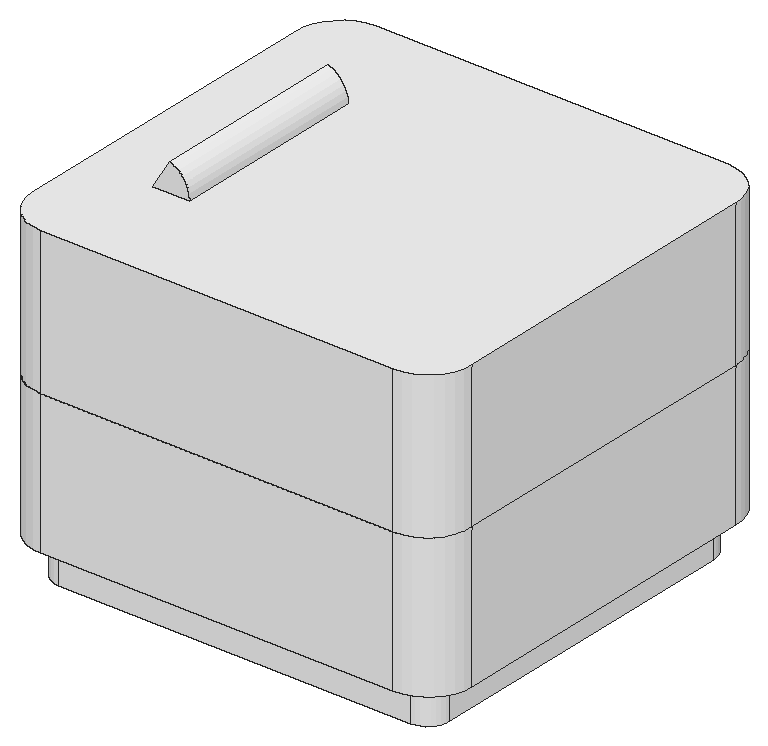
Revit family "Gira_078430", category Electrical Fixtures, host Face, Revit 2017
Family settings
  Host = Face
  Maintain Annotation Orientation = Yes
  Round Connector Dimension = Use Diameter
  Part Type = Normal
  Cut with Voids When Loaded = No
  Shared = No
  Room Calculation Point = No
Parameters (values of type "SCHUKO 2f waager. KD + BSF ammoniak WG AP Grau")
  Überspannungsschutz = "No"
  Werkstoffgüte = "sonstige"
  Werkstoff = "sonstige"
  Verdrehter Zentraleinsatz = "No"
  URL = "http://katalog.gira.de/de_DE/datenblatt.html?artikelnr=078430"
  Transparent = "No"
  Textfeld/Beschriftungsfläche = "Yes"
  Sonderstromversorgung = "ohne Sonderstromversorgung"
  Schutzleiterkontakt rund = "No"
  Schutzkontakt = "Yes"
  Region = "DE"
  Oberfläche = "sonstige"
  Nennstrom = "16 Ampere"
  Nennspannung = "250 Volt"
  Name = "SCHUKO 2f waager. KD + BSF ammoniak WG AP Grau"
  Montageart = "auf Putz"
  Mit erhöhtem Berührungsschutz = "No"
  Mit eingebauter USB-Spannungsversorgung = "No"
  Mit Signallampe = "No"
  Mit Orientierungsbeleuchtung = "No"
  Mit Klappdeckel = "Yes"
  Mit Funktionsbeleuchtung = "No"
  Mit Feinsicherung = "No"
  Mit Ein-/Ausschalter = "No"
  Mit Durchschleiffunktion = "No"
  Manufacturer URL = "https://www.gira.de/"
  Keynote = "IP44_Komplettgerät_Steckdose"
  Isolierter Einbau = "No"
  HeinzeBIM = "https://bimportal.heinze.de/bim/schuko-2f-waager-kd-bsf-ammoniak-wg-ap-grau/5941063a23d7d63de255511bf1e5a5dc14694bf9"
  Halogenfrei = "No"
  HAN = "078430"
  Geeignet für Schutzart (IP) = "IP44"
  GTIN = "4010337784302"
  Für "erschwerte Bedingungen" (nach VDE) = "No"
  Fehlerstromschutz = "No"
  Farbe = "grau"
  Default Elevation = 1219.2 mm
  Data sheet (1) = "https://katalog.gira.de/de_DE/download.html?artikelnr=078430"
  Category = "Steckdose"
  Befestigungsart = "Befestigung mit Schraube"
  Available = "Yes"
  Auswurfmechanismus = "No"
  Ausführung = "Schuko"
  Aufdruck/Kennzeichnung = "ohne Aufdruck"
  Anzahl der Steckdosen schaltbar = "0 "
  Anzahl der Module (bei Modulbauweise) = "1 "
  Anzahl der Einheiten = "2 "
  Antibakterielle Behandlung = "No"
  Anschlussart = "Schraubklemme"
  Abschließbar = "No"
Reference planes
  plane 1 "Center (Front/Back)": y = 0
  plane 2: z = 0
  plane 3 "Center (Left/Right)": x = 0
Forms (mm)
  Extrusion 1, solid, material "White", detail levels fine
    sketch origin (41, 0, 0) x (1, 0, 0) y (0, 1, 0)
      loop
        line (-9, 38) -> (-73, 38)
        arc (-73, 38) -> (-78.657, 35.657) -> (-81, 30) r 8
        line (-81, 30) -> (-81, -30)
        arc (-81, -30) -> (-78.657, -35.657) -> (-73, -38) r 8
        line (-73, -38) -> (-9, -38)
        arc (-9, -38) -> (-3.343, -35.657) -> (-1, -30) r 8
        line (-1, -30) -> (-1, 30)
        arc (-1, 30) -> (-3.343, 35.657) -> (-9, 38) r 8
    from 0 to 26
  Extrusion 2, solid, material "White", detail levels fine
    sketch origin (41, 0, 0) x (1, 0, 0) y (0, 1, 0)
      loop
        line (-9, 38) -> (-73, 38)
        arc (-73, 38) -> (-78.657, 35.657) -> (-81, 30) r 8
        line (-81, 30) -> (-81, -30)
        arc (-81, -30) -> (-78.657, -35.657) -> (-73, -38) r 8
        line (-73, -38) -> (-9, -38)
        arc (-9, -38) -> (-3.343, -35.657) -> (-1, -30) r 8
        line (-1, -30) -> (-1, 30)
        arc (-1, 30) -> (-3.343, 35.657) -> (-9, 38) r 8
    from 26 to 52.5
  Extrusion 3, solid, material "White", detail levels fine
    sketch origin (41, 0, 0) x (1, 0, 0) y (0, 0, 1)
      loop
        line (-68.7, 52.5) -> (-62.067, 52.5)
        arc (-62.067, 52.5) -> (-63.019, 55.628) -> (-65.7, 57.5) r 5
        line (-65.7, 57.5) -> (-68.7, 52.5)
    from 18 to -18
  Extrusion 4, solid, material "White", detail levels medium
    sketch origin (41, -5.734, 0) x (1, 0, 0) y (0, 1, 0)
      loop
        line (-9, 43.734) -> (-73, 43.734)
        arc (-73, 43.734) -> (-78.657, 41.391) -> (-81, 35.734) r 8
        line (-81, 35.734) -> (-81, -24.266)
        arc (-81, -24.266) -> (-78.657, -29.923) -> (-73, -32.266) r 8
        line (-73, -32.266) -> (-9, -32.266)
        arc (-9, -32.266) -> (-3.343, -29.923) -> (-1, -24.266) r 8
        line (-1, -24.266) -> (-1, 35.734)
        arc (-1, 35.734) -> (-3.343, 41.391) -> (-9, 43.734) r 8
    from 0 to 52.5
  Extrusion 5, solid, material "White", detail levels medium
    sketch origin (41, 0, 0) x (1, 0, 0) y (0, 0, 1)
      loop
        line (-68.7, 57.5) -> (-68.7, 52.5) -> (-62.067, 52.5) -> (-62.067, 57.5) -> (-68.7, 57.5)
    from -18 to 18
  Extrusion 6, solid, material "White", detail levels coarse
    sketch origin (41, 0, 0) x (1, 0, 0) y (0, 1, 0)
      loop
        line (-1, 38) -> (-81, 38) -> (-81, -38) -> (-1, -38) -> (-1, 38)
    from -7 to 57.5
  Extrusion 7, solid, material "White", detail levels medium+fine
    sketch origin (41, 0, 0) x (1, 0, 0) y (0, 1, 0)
      loop
        line (-9, 34) -> (-73, 34)
        arc (-73, 34) -> (-75.828, 32.828) -> (-77, 30) r 4
        line (-77, 30) -> (-77, -30)
        arc (-77, -30) -> (-75.828, -32.828) -> (-73, -34) r 4
        line (-73, -34) -> (-9, -34)
        arc (-9, -34) -> (-6.172, -32.828) -> (-5, -30) r 4
        line (-5, -30) -> (-5, 30)
        arc (-5, 30) -> (-6.172, 32.828) -> (-9, 34) r 4
    from 0 to -7
Dimensions and locks
  Extrusion 6 to plane 3 "Center (Left/Right)" to Extrusion 6 = 40 mm, 40 mm
  aligned and locked: plane 2 to host face
  aligned and locked: level to host face
  aligned and locked: plane 3 "Center (Left/Right)" to nested 1
  aligned and locked: plane 1 "Center (Front/Back)" to nested 1
Nested families
  nested 1: "Steckdose 1-fach Beschriftung" at (0, 0, 0), type "Steckdose 1-fach Beschriftung"
Connectors
  electrical at (0, 0, -7)
    settings: on Extrusion 7, index 1, voltage 220 V, apparent load 0 VA, apparent load phase1 0 VA, apparent load phase2 0 VA, apparent load phase3 0 VA, power factor 1, load classification "Other", number of poles 1, system type 31, power factor state 1, is connector primary yes, connector utility no, sub classification motor no, connector description ""
Definition of nested family "Steckdose 1-fach Beschriftung"
  Reference planes
    plane 1: y = 0
    plane 2: x = 0
  Lines and regions (mm)
    detail lines
      curve 1: line (0, 0, 0) -> (0, 2, 0)
      curve 3: line (0, 2, 0) -> (-1, 2, 0)
      curve 4: arc (1, 3, 0) -> (0, 2, 0) -> (-1, 3, 0) r 1
      curve 5: line (0, 2, 0) -> (1, 2, 0)
    reference lines
      curve 2: line (-0.485, 3, 0) -> (2.315, 3, 0)
  Dimensions and locks
    curve 1 to curve 1 = 2 mm
    plane 1 to curve 2 = 3 mm
    curve 3 to curve 3 = 1 mm
